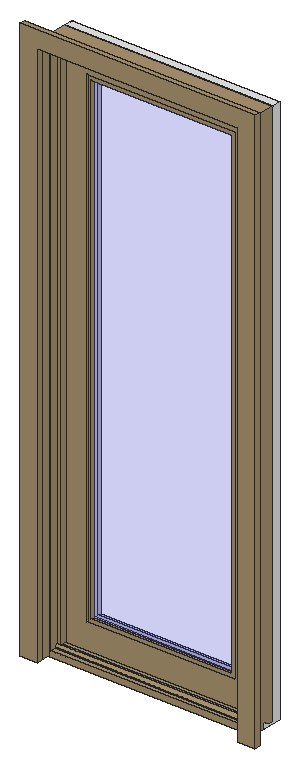
Revit family "Door-Out-Swing-Pella-Architect-Contemporary-Single-RT3", category Doors, host Wall, Revit 2013 (continued)
Definition of nested family "Nested-Pella-Architect-OS-Sill"
  Dimensions and locks (in)
    plane 3 "Front" to Masking region 1 sketch curve to Masking region 1 sketch curve to Masking region 1 sketch curve to Masking region 1 sketch curve to Masking region 1 sketch curve to Masking region 1 sketch curve to Masking region 1 sketch curve to Masking region 1 sketch curve to Masking region 1 sketch curve to Masking region 1 sketch curve to Masking region 1 sketch curve to Masking region 1 sketch curve to Masking region 1 sketch curve to Masking region 1 sketch curve to Masking region 1 sketch curve to Masking region 1 sketch curve to Masking region 1 sketch curve to Masking region 1 sketch curve = 0' - 0.07" locked, 0' - 0.17951" locked, 0' - 1.17253" locked, 0' - 0.08815" locked, 0' - 0.07" locked, 0' - 0.803" locked, 0' - 0.00736" locked, 0' - 0.35664" locked, 0' - 0.07" locked, 0' - 0.054" locked, 0' - 0.04166" locked, 0' - 0.15434" locked, 0' - 0.05" locked, 0' - 0.117" locked, 0' - 0.03659" locked, 0' - 0.13002" locked, 0' - 0 1/16" locked, 0' - 0.31389" locked
    "Thickness": plane 3 "Front" to plane 4 "Back"
    plane 1 "Center (Front/Back)" to Filled region 1 sketch curve to Filled region 1 sketch curve = 0' - 1 3/16" locked, 0' - 0.59552" locked
    plane 3 "Front" to Filled region 1 sketch curve to Filled region 1 sketch curve to Filled region 1 sketch curve to Filled region 1 sketch curve to Filled region 1 sketch curve to Filled region 1 sketch curve to Filled region 1 sketch curve to Filled region 1 sketch curve = 0' - 1.34419" locked, 0' - 0.18925" locked, 0' - 0.08371" locked, 0' - 0.24939" locked, 0' - 0" locked, 0' - 0.68965" locked, 0' - 0.532" locked, 0' - 0.102" locked
    plane 1 "Center (Front/Back)" to Masking region 1 sketch curve to Masking region 1 sketch curve to Masking region 1 sketch curve to Masking region 1 sketch curve to Masking region 1 sketch curve to Masking region 1 sketch curve to Masking region 1 sketch curve to Masking region 1 sketch curve to Masking region 1 sketch curve to Masking region 1 sketch curve to Masking region 1 sketch curve to Masking region 1 sketch curve = 0' - 1.18705" locked, 0' - 0.055" locked, 0' - 0.104" locked, 0' - 0.055" locked, 0' - 0.128" locked, 0' - 0.055" locked, 0' - 0.3415" locked, 0' - 0.055" locked, 0' - 0.9745" locked, 0' - 0.055" locked, 0' - 2.33645" locked, 0' - 0.055" locked
    plane 3 "Front" to Masking region 1 sketch curve to Masking region 1 sketch curve to Masking region 1 sketch curve to Masking region 1 sketch curve to Masking region 1 sketch curve to Masking region 1 sketch curve to Masking region 1 sketch curve to Masking region 1 sketch curve to Masking region 1 sketch curve to Masking region 1 sketch curve to Masking region 1 sketch curve to Masking region 1 sketch curve to Masking region 1 sketch curve to Masking region 1 sketch curve to Masking region 1 sketch curve to Masking region 1 sketch curve to Masking region 1 sketch curve to Masking region 1 sketch curve = 0' - 1.12569" locked, 0' - 0.055" locked, 0' - 0" locked, 0' - 0" locked, 0' - 0" locked, 0' - 0" locked, 0' - 0" locked, 0' - 0.16315" locked, 0' - 0" locked, 0' - 0" locked, 0' - 0" locked, 0' - 0.02966" locked, 0' - 0" locked, 0' - 0.18727" locked, 0' - 0.04494" locked, 0' - 0" locked, 0' - 0.10945" locked, 0' - 0.00059" locked
    Masking region 1 sketch curve to Masking region 1 sketch curve to Masking region 1 sketch curve to Masking region 1 sketch curve to Masking region 1 sketch curve to Masking region 1 sketch curve to plane 5 "Glass" = 0' - 0.0537" locked, 0' - 0" locked, 0' - 0.1013" locked, 0' - 0.055" locked, 0' - 0.1764" locked, 0' - 0.1141" locked
    Filled region 1 sketch curve to Filled region 1 sketch curve to Filled region 1 sketch curve to Filled region 1 sketch curve to Filled region 1 sketch curve to plane 5 "Glass" to Filled region 1 sketch curve to Filled region 1 sketch curve = 0' - 0.02788" locked, 0' - 0.22362" locked, 0' - 0.1536" locked, 0' - 0.04119" locked, 0' - 0.05506" locked, 0' - 0.1775" locked, 0' - 0" locked
    locked: Masking region 2 sketch curve to plane 5 "Glass" at 0.5005
    locked: curve 1 to plane 5 "Glass" at 0.1775
    Filled region 1 sketch curve to Filled region 1 sketch curve to Filled region 1 sketch curve to Filled region 1 sketch curve to Filled region 1 sketch curve to Filled region 1 sketch curve to Filled region 1 sketch curve to plane 4 "Back" = 0' - 0.18201" locked, 0' - 0.05899" locked, 0' - 0.1147" locked, 0' - 0.2983" locked, 0' - 1.217" locked, 0' - 0.597" locked, 0' - 0.246" locked
    plane 1 "Center (Front/Back)" to Filled region 1 sketch curve to Filled region 1 sketch curve to Filled region 1 sketch curve to Filled region 1 sketch curve to Filled region 1 sketch curve to Filled region 1 sketch curve to Filled region 1 sketch curve = 0' - 0.076" locked, 0' - 0.091" locked, 0' - 0.083" locked, 0' - 0.34721" locked, 0' - 0.25329" locked, 0' - 0.0795" locked, 0' - 0.07" locked
    plane 1 "Center (Front/Back)" to Filled region 2 sketch curve to Filled region 2 sketch curve to Filled region 2 sketch curve to Filled region 2 sketch curve to Filled region 2 sketch curve to Filled region 2 sketch curve to Filled region 2 sketch curve to Filled region 2 sketch curve to Filled region 2 sketch curve = 0' - 0.93" locked, 0' - 0" locked, 0' - 0.067" locked, 0' - 0.027" locked, 0' - 0.199" locked, 0' - 0.028" locked, 0' - 0.084" locked, 0' - 0.188" locked, 0' - 0.11" locked
    Filled region 2 sketch curve to Filled region 2 sketch curve to Filled region 2 sketch curve to Filled region 2 sketch curve to Filled region 2 sketch curve to Filled region 2 sketch curve to Filled region 2 sketch curve to Filled region 2 sketch curve to Filled region 2 sketch curve to Filled region 2 sketch curve to Filled region 2 sketch curve to Filled region 2 sketch curve to plane 4 "Back" = 0' - 0.02222" locked, 0' - 0.00735" locked, 0' - 0.13485" locked, 0' - 0.01657" locked, 0' - 0.134" locked, 0' - 0.28903" locked, 0' - 0.14597" locked, 0' - 0.28" locked, 0' - 0.01657" locked, 0' - 0.07843" locked, 0' - 0.41" locked, 0' - 0.847" locked
    plane 3 "Front" to Masking region 2 sketch curve to Masking region 2 sketch curve = 0' - 1.12569" locked, 0' - 2.0645" locked
    plane 1 "Center (Front/Back)" to Masking region 3 sketch curve to Masking region 3 sketch curve to Masking region 3 sketch curve to Masking region 3 sketch curve to Masking region 3 sketch curve to Masking region 3 sketch curve to Masking region 3 sketch curve to Masking region 3 sketch curve to Masking region 3 sketch curve to Masking region 3 sketch curve to Masking region 3 sketch curve to Masking region 3 sketch curve to Masking region 3 sketch curve to Masking region 3 sketch curve to Masking region 3 sketch curve to Masking region 3 sketch curve to Masking region 3 sketch curve = 0' - 0.31648" locked, 0' - 0" locked, 0' - 0" locked, 0' - 0.038" locked, 0' - 0.01658" locked, 0' - 0.15542" locked, 0' - 0" locked, 0' - 0" locked, 0' - 0" locked, 0' - 0" locked, 0' - 0.094" locked, 0' - 0" locked, 0' - 0" locked, 0' - 0" locked, 0' - 0.492" locked, 0' - 0.06" locked, 0' - 0" locked
    plane 3 "Front" to Masking region 3 sketch curve to Masking region 3 sketch curve to Masking region 3 sketch curve to Masking region 3 sketch curve to Masking region 3 sketch curve to Masking region 3 sketch curve to Masking region 3 sketch curve to Masking region 3 sketch curve to Masking region 3 sketch curve to Masking region 3 sketch curve to Masking region 3 sketch curve to Masking region 3 sketch curve to Masking region 3 sketch curve to Masking region 3 sketch curve to Masking region 3 sketch curve to Masking region 3 sketch curve = 0' - 1.67097" locked, 0' - 0 37/256" locked, 0' - 0.078" locked, 0' - 0.116" locked, 0' - 0.08" locked, 0' - 0.014" locked, 0' - 0.08" locked, 0' - 0.086" locked, 0' - 0" locked, 0' - 0.094" locked, 0' - 0" locked, 0' - 0.196" locked, 0' - 0" locked, 0' - 0.078" locked, 0' - 0" locked, 0' - 0.31657" locked
    aligned and locked: Filled region 1 sketch curve to plane 1 "Center (Front/Back)"
    aligned and locked: plane 4 "Back" to Filled region 1 sketch curve
    aligned and locked: Masking region 2 sketch curve to plane 3 "Front"
    aligned and locked: plane 1 "Center (Front/Back)" to Masking region 2 sketch curve
    aligned and locked: Masking region 1 sketch curve to plane 1 "Center (Front/Back)"
    aligned and locked: plane 1 "Center (Front/Back)" to Masking region 1 sketch curve  (x2)
    aligned and locked: plane 3 "Front" to Masking region 1 sketch curve
    aligned and locked: Filled region 1 to curve 1
    aligned and locked: curve 1 to Filled region 1
    aligned and locked: plane 4 "Back" to Masking region 2 sketch curve
  Automatic sketch dimensions
    plane 3 "Front" to Filled region 1 sketch curve = 0' - 1.60604"
Definition of nested family "Nested-Pella-Architect-OS-Head"
  Parameters (values of type "Head")
    Type Comments = "For use with Pella Architect Models"  # constant formula
    Thickness = 0' - 5 55/64"
    Nail Fin = yes
    Assembly Code = "B2030100"
  Reference planes (in)
    plane 1 "Center (Front/Back)": y = 0
    plane 2: z = 0
    plane 3 "Center (Left/Right)": x = 0.51936
    plane 4 "Front": x = -0.77673
    plane 5 "Back": x = 5.08264
    plane 6 "Glass": y = 5.31188
  Lines and regions (in)
    Masking region 1, in view "Ref. Level", detail levels medium+fine
      outline origin (0, 0, 0) x (1, 0, 0) y (0, 1, 0)
        loop
          line (0.22016, 0.07969) -> (-0.33874, 0.07969) -> (-0.33874, 0.242) -> (-0.73173, 0.242) -> (-0.73173, 0.37123) -> (-0.674, 0.55281) -> (-0.674, 0.74328) -> (0.43628, 0.74328) -> (0.43628, 0.70197) -> (0.51312, 0.70197) -> (0.51312, 0.78495) -> (0.37677, 0.78495) -> (0.37677, 1.02164) -> (0.75776, 1.02164) -> (0.75776, 1.06158) -> (0.33563, 1.06158) -> (0.33563, 0.79016) -> (-0.72088, 0.79016) -> (-0.72088, 0.56008) -> (-0.77673, 0.3844) -> (-0.77673, 0.197) -> (-0.38374, 0.197) -> (-0.38374, 0.09) -> (-0.69447, 0.09)
          arc (-0.69447, 0.09) -> (-0.73947, 0.045) -> (-0.69447, 0) r 0.045
          line (-0.69447, 0) -> (-0.57348, 0) -> (-0.54848, 0.025) -> (0.26704, 0.025) -> (0.26704, 0.21481) -> (0.38312, 0.21481) -> (0.38312, 0.025) -> (0.55155, 0.025) -> (0.55155, 0.07028) -> (0.43, 0.07028) -> (0.43, 0.26169) -> (0.22016, 0.26169) -> (0.22016, 0.07969)
        loop
          line (0.38714, 1.30488) -> (0.38714, 1.40888) -> (0.57958, 1.40888) -> (0.57958, 1.46388) -> (0.38714, 1.46388) -> (0.38714, 1.59188) -> (0.55064, 1.59188) -> (0.55064, 1.64688) -> (0.38714, 1.64688) -> (0.38714, 1.98838) -> (0.54575, 1.98838) -> (0.54575, 2.04338) -> (0.38714, 2.04338) -> (0.38714, 3.01788) -> (0.54575, 3.01788) -> (0.54575, 3.07288) -> (0.38714, 3.07288) -> (0.38714, 4.78488) -> (0.54575, 4.78488) -> (0.54575, 4.83988) -> (0.38714, 4.83988) -> (0.38714, 5.75738) -> (0.76723, 5.75738) -> (0.76723, 5.434) -> (0.81161, 5.434) -> (0.81161, 5.60238) -> (0.91968, 5.60238) -> (0.91968, 5.65738) -> (0.81161, 5.65738) -> (0.81161, 5.75738) -> (0.91968, 5.75738) -> (0.91968, 5.81238) -> (0.33214, 5.81238) -> (0.33214, 1.24988) -> (0.57958, 1.24988) -> (0.57958, 1.30488) -> (0.38714, 1.30488)
    Filled region 1, type "Wood - Pella", in view "Ref. Level", detail levels medium+fine
      outline origin (0, 0, 0) x (1, 0, 0) y (0, 1, 0)
        loop
          line (5.08264, 0) -> (5.08264, 1.063) -> (2.35188, 1.063) -> (2.35188, 0.803) -> (2.26746, 0.803) -> (2.26746, 1.063) -> (0.82453, 1.063) -> (0.82453, 1.012) -> (0.55914, 1.012) -> (0.55914, 0.67406) -> (0.43628, 0.67406) -> (0.43628, 0.74109) -> (0.37207, 0.74109) -> (0.11132, 0.496) -> (-0.00633, 0.496) -> (-0.00633, 0.138) -> (0.21383, 0.138) -> (0.21383, 0.26851) -> (0.43945, 0.26851) -> (0.43945, 0.07) -> (2.23448, 0.07) -> (2.30448, 0) -> (5.08264, 0)
        loop
          line (0.55064, 1.61032) -> (0.70771, 1.61032) -> (0.70771, 1.81138)
          arc (0.70771, 1.81138) -> (0.76532, 1.86899) -> (0.82293, 1.81138) r 0.05761
          line (0.82293, 1.81138) -> (0.82293, 1.1875) -> (2.39461, 1.1875) -> (2.39461, 5.13438) -> (2.29464, 5.13438) -> (2.29464, 5.78535) -> (1.76264, 5.81323) -> (1.76264, 5.13438) -> (1.073, 5.13438)
          arc (1.073, 5.13438) -> (0.9025, 5.20154) -> (0.82361, 5.36694) r 0.25
          line (0.82361, 5.36694) -> (0.82361, 5.40813) -> (0.73989, 5.40813) -> (0.73989, 5.56173) -> (0.55064, 5.56173) -> (0.55064, 1.61032)
    Masking region 2, in view "Ref. Level", detail levels coarse
      outline origin (0, 0, 0) x (1, 0, 0) y (0, 1, 0)
        loop
          line (-0.77673, 0) -> (5.08264, 0) -> (5.08264, 1.063) -> (2.39461, 1.063) -> (2.39461, 5.81238) -> (0.33214, 5.81238) -> (0.33214, 0.79016) -> (-0.77673, 0.79016) -> (-0.77673, 0)
    Masking region 3, in view "Ref. Level", visible <- "Nail Fin", detail levels fine
      outline origin (0, 0, 0) x (1, 0, 0) y (0, 1, 0)
        loop
          line (0.27279, 0.20734) -> (0.27279, 0) -> (0.48811, 0) -> (0.48811, -1.21526) -> (0.51936, -1.21526) -> (0.51936, 0.03125) -> (0.30404, 0.03125) -> (0.30404, 0.17609) -> (0.34797, 0.17609) -> (0.34797, 0.09143) -> (0.37922, 0.09143) -> (0.37922, 0.20734) -> (0.27279, 0.20734)
    Filled region 2, type "Wood - Pella", in view "Ref. Level", detail levels medium+fine
      outline origin (0, 0, 0) x (1, 0, 0) y (0, 1, 0)
        loop
          line (3.82901, 1.063) -> (3.82901, 1.657) -> (2.70401, 1.657) -> (2.70401, 1.193) -> (3.08501, 1.193) -> (3.08501, 1.063) -> (3.82901, 1.063)
    detail lines, in view "Ref. Level", detail levels fine
      curve 1: line (1.76264, 5.13438, 0) -> (2.29464, 5.13438, 0)
  Dimensions and locks (in)
    plane 1 "Center (Front/Back)" to Masking region 1 sketch curve to Masking region 1 sketch curve to Masking region 1 sketch curve to Masking region 1 sketch curve to Masking region 1 sketch curve to Masking region 1 sketch curve to Masking region 1 sketch curve to Masking region 1 sketch curve to Masking region 1 sketch curve to Masking region 1 sketch curve to Masking region 1 sketch curve to Masking region 1 sketch curve to Masking region 1 sketch curve to Masking region 1 sketch curve to Masking region 1 sketch curve to Masking region 1 sketch curve to Masking region 1 sketch curve to Masking region 1 sketch curve to Masking region 1 sketch curve = 0' - 0.025" locked, 0' - 0" locked, 0' - 0.04528" locked, 0' - 0.0094" locked, 0' - 0.01031" locked, 0' - 0.107" locked, 0' - 0.01781" locked, 0' - 0.02719" locked, 0' - 0.01969" locked, 0' - 0.10954" locked, 0' - 0.01317" locked, 0' - 0.16841" locked, 0' - 0.00727" locked, 0' - 0.14188" locked, 0' - 0.04132" locked, 0' - 0.04167" locked, 0' - 0.0052" locked, 0' - 0.23148" locked, 0' - 0.03994" locked
    plane 4 "Front" to Masking region 1 sketch curve to Masking region 1 sketch curve to Masking region 1 sketch curve to Masking region 1 sketch curve to Masking region 1 sketch curve to Masking region 1 sketch curve to Masking region 1 sketch curve to Masking region 1 sketch curve to Masking region 1 sketch curve to Masking region 1 sketch curve to Masking region 1 sketch curve to Masking region 1 sketch curve to Masking region 1 sketch curve to Masking region 1 sketch curve to Masking region 1 sketch curve to Masking region 1 sketch curve to Masking region 1 sketch curve to Masking region 1 sketch curve to Masking region 1 sketch curve = 0' - 0" locked, 0' - 0.045" locked, 0' - 0.01085" locked, 0' - 0.02641" locked, 0' - 0.02046" locked, 0' - 0.10052" locked, 0' - 0.025" locked, 0' - 0.16475" locked, 0' - 0.045" locked, 0' - 0.5589" locked, 0' - 0 3/64" locked, 0' - 0.06859" locked, 0' - 0.04114" locked, 0' - 0.00636" locked, 0' - 0 3/64" locked, 0' - 0.00628" locked, 0' - 0.07685" locked, 0' - 0.03842" locked, 0' - 0.20622" locked
    Masking region 3 sketch curve to plane 1 "Center (Front/Back)" to Masking region 3 sketch curve to Masking region 3 sketch curve to Masking region 3 sketch curve to Masking region 3 sketch curve = 0' - 1.21526" locked, 0' - 0 1/32" locked, 0' - 0.06018" locked, 0' - 0.08466" locked, 0' - 0 1/32" locked
    Masking region 3 sketch curve to Masking region 3 sketch curve to Masking region 3 sketch curve to Masking region 3 sketch curve to Masking region 3 sketch curve to Masking region 3 sketch curve to plane 3 "Center (Left/Right)" = 0' - 0 1/32" locked, 0' - 0.04392" locked, 0' - 0 1/32" locked, 0' - 0.10889" locked, 0' - 0 1/32" locked, 0' - 0" locked
    locked: plane 1 "Center (Front/Back)" to plane 6 "Glass" at 5.31188
    plane 4 "Front" to Masking region 2 sketch curve to Masking region 2 sketch curve = 0' - 1.10887" locked, 0' - 2.06247" locked
    Masking region 2 sketch curve to Masking region 2 sketch curve to Masking region 2 sketch curve to plane 1 "Center (Front/Back)" = 0' - 4.74938" locked, 0' - 0.27284" locked, 0' - 0.79016" locked
    locked: plane 4 "Front" to plane 3 "Center (Left/Right)" at 1.29609
    "Thickness": plane 4 "Front" to plane 5 "Back"
    plane 1 "Center (Front/Back)" to Filled region 1 sketch curve to Filled region 1 sketch curve to Filled region 1 sketch curve to Filled region 1 sketch curve to Filled region 1 sketch curve to Filled region 1 sketch curve to Filled region 1 sketch curve to Filled region 1 sketch curve to Filled region 1 sketch curve to Filled region 1 sketch curve = 0' - 0.07" locked, 0' - 0.068" locked, 0' - 0.13051" locked, 0' - 0.22749" locked, 0' - 0.17806" locked, 0' - 0.06703" locked, 0' - 0.06191" locked, 0' - 0.209" locked, 0' - 0.051" locked, 0' - 0" locked
    plane 4 "Front" to Filled region 1 sketch curve to Filled region 1 sketch curve to Filled region 1 sketch curve to Filled region 1 sketch curve to Filled region 1 sketch curve to Filled region 1 sketch curve to Filled region 1 sketch curve to Filled region 1 sketch curve to Filled region 1 sketch curve to Filled region 1 sketch curve to Filled region 1 sketch curve to Filled region 1 sketch curve = 0' - 0.7704" locked, 0' - 0.11764" locked, 0' - 0.10251" locked, 0' - 0.15825", 0' - 0.0642" locked, 0' - 0.00317" locked, 0' - 0.1197" locked, 0' - 0.26539" locked, 0' - 1.40995" locked, 0' - 0.03298" locked, 0' - 0.03702" locked, 0' - 0.0474" locked
    plane 4 "Front" to Filled region 1 sketch curve to Filled region 1 sketch curve to Filled region 1 sketch curve to Filled region 1 sketch curve to Filled region 1 sketch curve to Filled region 1 sketch curve to Filled region 1 sketch curve to Filled region 1 sketch curve to Filled region 1 sketch curve to Filled region 1 sketch curve = 0' - 1.32737" locked, 0' - 0.15707" locked, 0' - 0.03218" locked, 0' - 0.08304" locked, 0' - 0.00068" locked, 0' - 0.24939" locked, 0' - 0" locked, 0' - 0.68965" locked, 0' - 0.532" locked, 0' - 0.09997" locked
    plane 1 "Center (Front/Back)" to Filled region 1 sketch curve to Filled region 1 sketch curve to Filled region 1 sketch curve to Filled region 1 sketch curve to Filled region 1 sketch curve to Filled region 1 sketch curve to Filled region 1 sketch curve to Filled region 1 sketch curve to Filled region 1 sketch curve to Filled region 1 sketch curve to Filled region 1 sketch curve to Filled region 1 sketch curve = 0' - 1 3/16" locked, 0' - 0.42282" locked, 0' - 0.20106" locked, 0' - 0" locked, 0' - 0" locked, 0' - 3.323" locked, 0' - 0" locked, 0' - 0.23256" locked, 0' - 0.04119" locked, 0' - 0.1536" locked, 0' - 0.22362" locked, 0' - 0.02788" locked
    plane 1 "Center (Front/Back)" to Masking region 1 sketch curve to Masking region 1 sketch curve to Masking region 1 sketch curve to Masking region 1 sketch curve to Masking region 1 sketch curve to Masking region 1 sketch curve to Masking region 1 sketch curve to Masking region 1 sketch curve to Masking region 1 sketch curve to Masking region 1 sketch curve to Masking region 1 sketch curve to Masking region 1 sketch curve to Masking region 1 sketch curve to Masking region 1 sketch curve to Masking region 1 sketch curve to Masking region 1 sketch curve to Masking region 1 sketch curve to Masking region 1 sketch curve = 0' - 1.24988" locked, 0' - 0.055" locked, 0' - 0.104" locked, 0' - 0.055" locked, 0' - 0.128" locked, 0' - 0.055" locked, 0' - 0.3415" locked, 0' - 0.055" locked, 0' - 0.9745" locked, 0' - 0.055" locked, 0' - 1.712" locked, 0' - 0.055" locked, 0' - 0.59412" locked, 0' - 0.16838" locked, 0' - 0.055" locked, 0' - 0.1" locked, 0' - 0" locked, 0' - 0.055" locked
    plane 4 "Front" to Masking region 1 sketch curve to Masking region 1 sketch curve to Masking region 1 sketch curve to Masking region 1 sketch curve to Masking region 1 sketch curve to Masking region 1 sketch curve to Masking region 1 sketch curve to Masking region 1 sketch curve to Masking region 1 sketch curve to Masking region 1 sketch curve to Masking region 1 sketch curve to Masking region 1 sketch curve to Masking region 1 sketch curve to Masking region 1 sketch curve to Masking region 1 sketch curve to Masking region 1 sketch curve to Masking region 1 sketch curve to Masking region 1 sketch curve = 0' - 1.10887" locked, 0' - 0.055" locked, 0' - 0" locked, 0' - 0" locked, 0' - 0" locked, 0' - 0" locked, 0' - 0" locked, 0' - 0.15861" locked, 0' - 0" locked, 0' - 0" locked, 0' - 0.00489" locked, 0' - 0.02893" locked, 0' - 0" locked, 0' - 0.18765" locked, 0' - 0.04438" locked, 0' - 0" locked, 0' - 0.10807" locked, 0' - 0" locked
    locked: curve 1 to plane 6 "Glass" at 0.1775
    plane 1 "Center (Front/Back)" to Filled region 2 sketch curve to Filled region 2 sketch curve to Filled region 2 sketch curve = 0' - 1.063" locked, 0' - 0.13" locked, 0' - 0.464" locked
    Filled region 2 sketch curve to Filled region 2 sketch curve to Filled region 2 sketch curve to plane 5 "Back" = 0' - 0.381" locked, 0' - 0.744" locked, 0' - 1.25363" locked
    aligned and locked: plane 1 "Center (Front/Back)" to Masking region 1 sketch curve
    aligned and locked: Filled region 1 sketch curve to plane 1 "Center (Front/Back)"
    aligned and locked: plane 5 "Back" to Filled region 1 sketch curve
    aligned and locked: Masking region 2 sketch curve to plane 4 "Front"
    aligned and locked: plane 1 "Center (Front/Back)" to Masking region 2 sketch curve
    aligned and locked: curve 1 to Filled region 1
    aligned and locked: Filled region 1 to curve 1
    aligned and locked: plane 5 "Back" to Masking region 2 sketch curve
  Automatic sketch dimensions
    plane 1 "Center (Front/Back)" to Masking region 3 sketch curve = 0' - 0"
